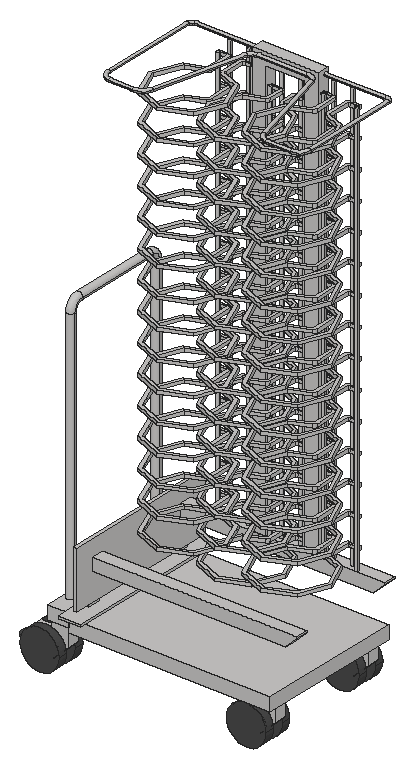
Revit family "QF_ELECTROLUXPROFESSIONAL_922763_TRBA45PL2011C", category Attrezzature speciali, Revit 2020 (continued)
Automatic sketch dimensions
  Extrusion 74 sketch curve to Extrusion 74 sketch curve = 7.587 mm  (x4)
  Extrusion 74 sketch curve to Extrusion 74 sketch curve = 27.788 mm  (x2)
  Extrusion 74 sketch curve to Extrusion 74 sketch curve = 0 mm  (x3)
  Extrusion 74 sketch curve to Extrusion 74 sketch curve = 1.873 mm
  Extrusion 74 sketch curve to Extrusion 74 sketch curve = 5 mm  (x3)
  Extrusion 74 sketch curve to Extrusion 74 sketch curve = 3.127 mm
  Extrusion 74 sketch curve to Extrusion 74 sketch curve = 3.746 mm
  Extrusion 74 sketch curve to Extrusion 74 sketch curve = 10 mm  (x3)
  Extrusion 74 sketch curve to Extrusion 74 sketch curve = 79.976 mm  (x2)
  Extrusion 74 sketch curve to Extrusion 74 sketch curve = 0.094 mm  (x3)
  Extrusion 74 sketch curve to Extrusion 74 sketch curve = 30 mm
  Extrusion 74 sketch curve to Extrusion 74 sketch curve = 6.093 mm
  Extrusion 74 sketch curve to Extrusion 74 sketch curve = 3.046 mm
  Extrusion 74 sketch curve to Extrusion 74 sketch curve = 80.651 mm  (x3)
  Extrusion 74 sketch curve to Extrusion 74 sketch curve = 55.228 mm
  Extrusion 74 sketch curve to Extrusion 74 sketch curve = 32.585 mm
  Extrusion 74 sketch curve to Extrusion 74 sketch curve = 10.824 mm  (x3)
  Extrusion 74 sketch curve to Extrusion 74 sketch curve = 11.494 mm
  Extrusion 74 sketch curve to Extrusion 74 sketch curve = 1.263 mm
  Extrusion 74 sketch curve to Extrusion 74 sketch curve = 2 mm  (x2)
  Extrusion 75 sketch curve to Extrusion 75 sketch curve = 10.824 mm  (x3)
  Extrusion 75 sketch curve to Extrusion 75 sketch curve = 24.865 mm  (x2)
  Extrusion 75 sketch curve to Extrusion 75 sketch curve = 26.401 mm  (x2)
  Extrusion 75 sketch curve to Extrusion 75 sketch curve = 7.72 mm  (x4)
  Extrusion 75 sketch curve to Extrusion 75 sketch curve = 7.587 mm  (x4)
  Extrusion 75 sketch curve to Extrusion 75 sketch curve = 27.246 mm
  Extrusion 75 sketch curve to Extrusion 75 sketch curve = 27.788 mm  (x2)
  Extrusion 75 sketch curve to Extrusion 75 sketch curve = 47.447 mm
  Extrusion 75 sketch curve to Extrusion 75 sketch curve = 1.873 mm
  Extrusion 75 sketch curve to Extrusion 75 sketch curve = 5 mm  (x3)
  Extrusion 75 sketch curve to Extrusion 75 sketch curve = 3.127 mm
  Extrusion 75 sketch curve to Extrusion 75 sketch curve = 0 mm  (x2)
  Extrusion 75 sketch curve to Extrusion 75 sketch curve = 3.746 mm
  Extrusion 75 sketch curve to Extrusion 75 sketch curve = 10 mm  (x3)
  Extrusion 75 sketch curve to Extrusion 75 sketch curve = 0.094 mm  (x3)
  Extrusion 75 sketch curve to Extrusion 75 sketch curve = 30 mm
  Extrusion 75 sketch curve to Extrusion 75 sketch curve = 6.093 mm
  Extrusion 75 sketch curve to Extrusion 75 sketch curve = 3.046 mm
  Extrusion 75 sketch curve to Extrusion 75 sketch curve = 22.703 mm
  Extrusion 75 sketch curve to Extrusion 75 sketch curve = 6.983 mm
  Extrusion 75 sketch curve to Extrusion 75 sketch curve = 1.263 mm
  Extrusion 75 sketch curve to Extrusion 75 sketch curve = 1.293 mm
  Extrusion 75 sketch curve to Extrusion 75 sketch curve = 2 mm  (x3)
  Extrusion 76 sketch curve to Extrusion 76 sketch curve = 10.824 mm  (x3)
  Extrusion 76 sketch curve to Extrusion 76 sketch curve = 7.72 mm  (x4)
  Extrusion 76 sketch curve to Extrusion 76 sketch curve = 7.587 mm  (x4)
  Extrusion 76 sketch curve to Extrusion 76 sketch curve = 27.246 mm
  Extrusion 76 sketch curve to Extrusion 76 sketch curve = 27.788 mm  (x2)
  Extrusion 76 sketch curve to Extrusion 76 sketch curve = 47.447 mm
  Extrusion 76 sketch curve to Extrusion 76 sketch curve = 1.873 mm
  Extrusion 76 sketch curve to Extrusion 76 sketch curve = 5 mm  (x2)
  Extrusion 76 sketch curve to Extrusion 76 sketch curve = 3.127 mm
  Extrusion 76 sketch curve to Extrusion 76 sketch curve = 0 mm  (x2)
  Extrusion 76 sketch curve to Extrusion 76 sketch curve = 3.746 mm
  Extrusion 76 sketch curve to Extrusion 76 sketch curve = 10 mm  (x2)
  Extrusion 76 sketch curve to Extrusion 76 sketch curve = 79.976 mm  (x2)
  Extrusion 76 sketch curve to Extrusion 76 sketch curve = 0.094 mm  (x3)
  Extrusion 76 sketch curve to Extrusion 76 sketch curve = 30 mm
  Extrusion 76 sketch curve to Extrusion 76 sketch curve = 6.093 mm
  Extrusion 76 sketch curve to Extrusion 76 sketch curve = 3.907 mm
  Extrusion 76 sketch curve to Extrusion 76 sketch curve = 3.046 mm
  Extrusion 76 sketch curve to Extrusion 76 sketch curve = 1.954 mm
  Extrusion 76 sketch curve to Extrusion 76 sketch curve = 80.651 mm  (x3)
  Extrusion 76 sketch curve to Extrusion 76 sketch curve = 55.228 mm
  Extrusion 76 sketch curve to Extrusion 76 sketch curve = 32.585 mm
  Extrusion 76 sketch curve to Extrusion 76 sketch curve = 2 mm  (x3)
  Extrusion 74 sketch curve to Extrusion 74 sketch curve = 24.865 mm  (x2)
  Extrusion 74 sketch curve to Extrusion 74 sketch curve = 26.401 mm  (x2)
  Extrusion 74 sketch curve to Extrusion 74 sketch curve = 27.246 mm
  Extrusion 74 sketch curve to Extrusion 74 sketch curve = 80.07 mm
  Extrusion 74 sketch curve to Extrusion 74 sketch curve = 22.703 mm
  Extrusion 74 sketch curve to Extrusion 74 sketch curve = 1.293 mm
  Extrusion 74 sketch curve to Extrusion 74 sketch curve = 44.091 mm
  Extrusion 74 sketch curve to Extrusion 74 sketch curve = 41.932 mm
  Extrusion 75 sketch curve to Extrusion 75 sketch curve = 79.976 mm  (x2)
  Extrusion 75 sketch curve to Extrusion 75 sketch curve = 80.651 mm  (x3)
  Extrusion 75 sketch curve to Extrusion 75 sketch curve = 55.228 mm
  Extrusion 75 sketch curve to Extrusion 75 sketch curve = 32.585 mm
  Extrusion 75 sketch curve to Extrusion 75 sketch curve = 80.07 mm
  Extrusion 75 sketch curve to Extrusion 75 sketch curve = 67.75 mm
  Extrusion 76 sketch curve to Extrusion 76 sketch curve = 24.865 mm  (x2)
  Extrusion 76 sketch curve to Extrusion 76 sketch curve = 26.401 mm  (x2)
  Extrusion 76 sketch curve to Extrusion 76 sketch curve = 80.07 mm
  Extrusion 76 sketch curve to Extrusion 76 sketch curve = 22.703 mm
  Extrusion 76 sketch curve to Extrusion 76 sketch curve = 6.983 mm
  Extrusion 76 sketch curve to Extrusion 76 sketch curve = 1.263 mm
  Extrusion 76 sketch curve to Extrusion 76 sketch curve = 1.293 mm
  Extrusion 76 sketch curve to Extrusion 76 sketch curve = 67.75 mm
  Extrusion 77 sketch curve to Extrusion 77 sketch curve = 7.72 mm  (x4)
  Extrusion 77 sketch curve to Extrusion 77 sketch curve = 7.587 mm  (x4)
  Extrusion 77 sketch curve to Extrusion 77 sketch curve = 27.788 mm  (x2)
  Extrusion 77 sketch curve to Extrusion 77 sketch curve = 0 mm  (x3)
  Extrusion 77 sketch curve to Extrusion 77 sketch curve = 1.873 mm
  Extrusion 77 sketch curve to Extrusion 77 sketch curve = 5 mm  (x3)
  Extrusion 77 sketch curve to Extrusion 77 sketch curve = 3.127 mm
  Extrusion 77 sketch curve to Extrusion 77 sketch curve = 3.746 mm
  Extrusion 77 sketch curve to Extrusion 77 sketch curve = 10 mm  (x3)
  Extrusion 77 sketch curve to Extrusion 77 sketch curve = 79.976 mm  (x2)
  Extrusion 77 sketch curve to Extrusion 77 sketch curve = 0.094 mm  (x3)
  Extrusion 77 sketch curve to Extrusion 77 sketch curve = 30 mm
  Extrusion 77 sketch curve to Extrusion 77 sketch curve = 6.093 mm
  Extrusion 77 sketch curve to Extrusion 77 sketch curve = 3.046 mm
  Extrusion 77 sketch curve to Extrusion 77 sketch curve = 80.651 mm  (x3)
  Extrusion 77 sketch curve to Extrusion 77 sketch curve = 55.228 mm
  Extrusion 77 sketch curve to Extrusion 77 sketch curve = 32.585 mm
  Extrusion 77 sketch curve to Extrusion 77 sketch curve = 10.824 mm  (x3)
  Extrusion 77 sketch curve to Extrusion 77 sketch curve = 11.494 mm
  Extrusion 77 sketch curve to Extrusion 77 sketch curve = 1.263 mm
  Extrusion 77 sketch curve to Extrusion 77 sketch curve = 2 mm  (x2)
  Extrusion 78 sketch curve to Extrusion 78 sketch curve = 10.824 mm  (x3)
  Extrusion 78 sketch curve to Extrusion 78 sketch curve = 24.865 mm  (x2)
  Extrusion 78 sketch curve to Extrusion 78 sketch curve = 26.401 mm  (x2)
  Extrusion 78 sketch curve to Extrusion 78 sketch curve = 7.72 mm  (x4)
  Extrusion 78 sketch curve to Extrusion 78 sketch curve = 7.587 mm  (x4)
  Extrusion 78 sketch curve to Extrusion 78 sketch curve = 27.246 mm
  Extrusion 78 sketch curve to Extrusion 78 sketch curve = 27.788 mm  (x2)
  Extrusion 78 sketch curve to Extrusion 78 sketch curve = 47.447 mm
  Extrusion 78 sketch curve to Extrusion 78 sketch curve = 1.873 mm
  Extrusion 78 sketch curve to Extrusion 78 sketch curve = 5 mm  (x3)
  Extrusion 78 sketch curve to Extrusion 78 sketch curve = 3.127 mm
  Extrusion 78 sketch curve to Extrusion 78 sketch curve = 0 mm  (x2)
  Extrusion 78 sketch curve to Extrusion 78 sketch curve = 3.746 mm
  Extrusion 78 sketch curve to Extrusion 78 sketch curve = 10 mm  (x3)
  Extrusion 78 sketch curve to Extrusion 78 sketch curve = 0.094 mm  (x3)
  Extrusion 78 sketch curve to Extrusion 78 sketch curve = 30 mm
  Extrusion 78 sketch curve to Extrusion 78 sketch curve = 6.093 mm
  Extrusion 78 sketch curve to Extrusion 78 sketch curve = 3.046 mm
  Extrusion 78 sketch curve to Extrusion 78 sketch curve = 22.703 mm
  Extrusion 78 sketch curve to Extrusion 78 sketch curve = 6.983 mm
  Extrusion 78 sketch curve to Extrusion 78 sketch curve = 1.263 mm
  Extrusion 78 sketch curve to Extrusion 78 sketch curve = 1.293 mm
  Extrusion 78 sketch curve to Extrusion 78 sketch curve = 2 mm  (x3)
  Extrusion 79 sketch curve to Extrusion 79 sketch curve = 10.824 mm  (x3)
  Extrusion 79 sketch curve to Extrusion 79 sketch curve = 7.72 mm  (x4)
  Extrusion 79 sketch curve to Extrusion 79 sketch curve = 7.587 mm  (x4)
  Extrusion 79 sketch curve to Extrusion 79 sketch curve = 27.246 mm
  Extrusion 79 sketch curve to Extrusion 79 sketch curve = 27.788 mm  (x2)
  Extrusion 79 sketch curve to Extrusion 79 sketch curve = 47.447 mm
  Extrusion 79 sketch curve to Extrusion 79 sketch curve = 1.873 mm
  Extrusion 79 sketch curve to Extrusion 79 sketch curve = 5 mm  (x2)
  Extrusion 79 sketch curve to Extrusion 79 sketch curve = 3.127 mm
  Extrusion 79 sketch curve to Extrusion 79 sketch curve = 0 mm  (x2)
  Extrusion 79 sketch curve to Extrusion 79 sketch curve = 3.746 mm
  Extrusion 79 sketch curve to Extrusion 79 sketch curve = 10 mm  (x2)
  Extrusion 79 sketch curve to Extrusion 79 sketch curve = 79.976 mm  (x2)
  Extrusion 79 sketch curve to Extrusion 79 sketch curve = 0.094 mm  (x3)
  Extrusion 79 sketch curve to Extrusion 79 sketch curve = 30 mm
  Extrusion 79 sketch curve to Extrusion 79 sketch curve = 6.093 mm
  Extrusion 79 sketch curve to Extrusion 79 sketch curve = 3.907 mm
  Extrusion 79 sketch curve to Extrusion 79 sketch curve = 3.046 mm
  Extrusion 79 sketch curve to Extrusion 79 sketch curve = 1.954 mm
  Extrusion 79 sketch curve to Extrusion 79 sketch curve = 80.651 mm  (x3)
  Extrusion 79 sketch curve to Extrusion 79 sketch curve = 55.228 mm
  Extrusion 79 sketch curve to Extrusion 79 sketch curve = 32.585 mm
  Extrusion 79 sketch curve to Extrusion 79 sketch curve = 2 mm  (x3)
  Extrusion 77 sketch curve to Extrusion 77 sketch curve = 24.865 mm  (x2)
  Extrusion 77 sketch curve to Extrusion 77 sketch curve = 26.401 mm  (x2)
  Extrusion 77 sketch curve to Extrusion 77 sketch curve = 27.246 mm
  Extrusion 77 sketch curve to Extrusion 77 sketch curve = 80.07 mm
  Extrusion 77 sketch curve to Extrusion 77 sketch curve = 22.703 mm
  Extrusion 77 sketch curve to Extrusion 77 sketch curve = 1.293 mm
  Extrusion 77 sketch curve to Extrusion 77 sketch curve = 44.091 mm
  Extrusion 77 sketch curve to Extrusion 77 sketch curve = 41.932 mm
  Extrusion 78 sketch curve to Extrusion 78 sketch curve = 79.976 mm  (x2)
  Extrusion 78 sketch curve to Extrusion 78 sketch curve = 80.651 mm  (x3)
  Extrusion 78 sketch curve to Extrusion 78 sketch curve = 55.228 mm
  Extrusion 78 sketch curve to Extrusion 78 sketch curve = 32.585 mm
  Extrusion 78 sketch curve to Extrusion 78 sketch curve = 80.07 mm
  Extrusion 78 sketch curve to Extrusion 78 sketch curve = 67.75 mm
  Extrusion 79 sketch curve to Extrusion 79 sketch curve = 24.865 mm  (x2)
  Extrusion 79 sketch curve to Extrusion 79 sketch curve = 26.401 mm  (x2)
  Extrusion 79 sketch curve to Extrusion 79 sketch curve = 80.07 mm
  Extrusion 79 sketch curve to Extrusion 79 sketch curve = 22.703 mm
  Extrusion 79 sketch curve to Extrusion 79 sketch curve = 6.983 mm
  Extrusion 79 sketch curve to Extrusion 79 sketch curve = 1.263 mm
  Extrusion 79 sketch curve to Extrusion 79 sketch curve = 1.293 mm
  Extrusion 79 sketch curve to Extrusion 79 sketch curve = 67.75 mm
  Extrusion 80 sketch curve to Extrusion 80 sketch curve = 7.72 mm  (x4)
  Extrusion 80 sketch curve to Extrusion 80 sketch curve = 7.587 mm  (x4)
  Extrusion 80 sketch curve to Extrusion 80 sketch curve = 27.788 mm  (x2)
  Extrusion 80 sketch curve to Extrusion 80 sketch curve = 0 mm  (x3)
  Extrusion 80 sketch curve to Extrusion 80 sketch curve = 1.873 mm
  Extrusion 80 sketch curve to Extrusion 80 sketch curve = 5 mm  (x3)
  Extrusion 80 sketch curve to Extrusion 80 sketch curve = 3.127 mm
  Extrusion 80 sketch curve to Extrusion 80 sketch curve = 3.746 mm
  Extrusion 80 sketch curve to Extrusion 80 sketch curve = 10 mm  (x3)
  Extrusion 80 sketch curve to Extrusion 80 sketch curve = 79.976 mm  (x2)
  Extrusion 80 sketch curve to Extrusion 80 sketch curve = 0.094 mm  (x3)
  Extrusion 80 sketch curve to Extrusion 80 sketch curve = 30 mm
  Extrusion 80 sketch curve to Extrusion 80 sketch curve = 6.093 mm
  Extrusion 80 sketch curve to Extrusion 80 sketch curve = 3.046 mm
  Extrusion 80 sketch curve to Extrusion 80 sketch curve = 80.651 mm  (x3)
  Extrusion 80 sketch curve to Extrusion 80 sketch curve = 55.228 mm
  Extrusion 80 sketch curve to Extrusion 80 sketch curve = 32.585 mm
  Extrusion 80 sketch curve to Extrusion 80 sketch curve = 10.824 mm  (x3)
  Extrusion 80 sketch curve to Extrusion 80 sketch curve = 11.494 mm
  Extrusion 80 sketch curve to Extrusion 80 sketch curve = 1.263 mm
  Extrusion 80 sketch curve to Extrusion 80 sketch curve = 2 mm  (x2)
  Extrusion 81 sketch curve to Extrusion 81 sketch curve = 10.824 mm  (x3)
  Extrusion 81 sketch curve to Extrusion 81 sketch curve = 24.865 mm  (x2)
  Extrusion 81 sketch curve to Extrusion 81 sketch curve = 26.401 mm  (x2)
  Extrusion 81 sketch curve to Extrusion 81 sketch curve = 7.72 mm  (x4)
  Extrusion 81 sketch curve to Extrusion 81 sketch curve = 7.587 mm  (x4)
  Extrusion 81 sketch curve to Extrusion 81 sketch curve = 27.246 mm
  Extrusion 81 sketch curve to Extrusion 81 sketch curve = 27.788 mm  (x2)
  Extrusion 81 sketch curve to Extrusion 81 sketch curve = 47.447 mm
  Extrusion 81 sketch curve to Extrusion 81 sketch curve = 1.873 mm
  Extrusion 81 sketch curve to Extrusion 81 sketch curve = 5 mm  (x3)
  Extrusion 81 sketch curve to Extrusion 81 sketch curve = 3.127 mm
  Extrusion 81 sketch curve to Extrusion 81 sketch curve = 0 mm  (x2)
  Extrusion 81 sketch curve to Extrusion 81 sketch curve = 3.746 mm
  Extrusion 81 sketch curve to Extrusion 81 sketch curve = 10 mm  (x3)
  Extrusion 81 sketch curve to Extrusion 81 sketch curve = 0.094 mm  (x3)
  Extrusion 81 sketch curve to Extrusion 81 sketch curve = 30 mm
  Extrusion 81 sketch curve to Extrusion 81 sketch curve = 6.093 mm
  Extrusion 81 sketch curve to Extrusion 81 sketch curve = 3.046 mm
  Extrusion 81 sketch curve to Extrusion 81 sketch curve = 22.703 mm
  Extrusion 81 sketch curve to Extrusion 81 sketch curve = 6.983 mm
  Extrusion 81 sketch curve to Extrusion 81 sketch curve = 1.263 mm
  Extrusion 81 sketch curve to Extrusion 81 sketch curve = 1.293 mm
  Extrusion 81 sketch curve to Extrusion 81 sketch curve = 2 mm  (x3)
  Extrusion 82 sketch curve to Extrusion 82 sketch curve = 10.824 mm  (x3)
  Extrusion 82 sketch curve to Extrusion 82 sketch curve = 7.72 mm  (x4)
  Extrusion 82 sketch curve to Extrusion 82 sketch curve = 7.587 mm  (x4)
  Extrusion 82 sketch curve to Extrusion 82 sketch curve = 27.246 mm
  Extrusion 82 sketch curve to Extrusion 82 sketch curve = 27.788 mm  (x2)
  Extrusion 82 sketch curve to Extrusion 82 sketch curve = 47.447 mm
  Extrusion 82 sketch curve to Extrusion 82 sketch curve = 1.873 mm
  Extrusion 82 sketch curve to Extrusion 82 sketch curve = 5 mm  (x2)
  Extrusion 82 sketch curve to Extrusion 82 sketch curve = 3.127 mm
  Extrusion 82 sketch curve to Extrusion 82 sketch curve = 0 mm  (x2)
  Extrusion 82 sketch curve to Extrusion 82 sketch curve = 3.746 mm
  Extrusion 82 sketch curve to Extrusion 82 sketch curve = 10 mm  (x2)
  Extrusion 82 sketch curve to Extrusion 82 sketch curve = 79.976 mm  (x2)
  Extrusion 82 sketch curve to Extrusion 82 sketch curve = 0.094 mm  (x3)
  Extrusion 82 sketch curve to Extrusion 82 sketch curve = 30 mm
  Extrusion 82 sketch curve to Extrusion 82 sketch curve = 6.093 mm
  Extrusion 82 sketch curve to Extrusion 82 sketch curve = 3.907 mm
  Extrusion 82 sketch curve to Extrusion 82 sketch curve = 3.046 mm
  Extrusion 82 sketch curve to Extrusion 82 sketch curve = 1.954 mm
  Extrusion 82 sketch curve to Extrusion 82 sketch curve = 80.651 mm  (x3)
  Extrusion 82 sketch curve to Extrusion 82 sketch curve = 55.228 mm
  Extrusion 82 sketch curve to Extrusion 82 sketch curve = 32.585 mm
  Extrusion 82 sketch curve to Extrusion 82 sketch curve = 2 mm  (x3)
  Extrusion 80 sketch curve to Extrusion 80 sketch curve = 24.865 mm  (x2)
  Extrusion 80 sketch curve to Extrusion 80 sketch curve = 26.401 mm  (x2)
  Extrusion 80 sketch curve to Extrusion 80 sketch curve = 27.246 mm
  Extrusion 80 sketch curve to Extrusion 80 sketch curve = 80.07 mm
  Extrusion 80 sketch curve to Extrusion 80 sketch curve = 22.703 mm
  Extrusion 80 sketch curve to Extrusion 80 sketch curve = 1.293 mm
  Extrusion 80 sketch curve to Extrusion 80 sketch curve = 44.091 mm
  Extrusion 80 sketch curve to Extrusion 80 sketch curve = 41.932 mm
  Extrusion 81 sketch curve to Extrusion 81 sketch curve = 79.976 mm  (x2)
  Extrusion 81 sketch curve to Extrusion 81 sketch curve = 80.651 mm  (x3)
  Extrusion 81 sketch curve to Extrusion 81 sketch curve = 55.228 mm
  Extrusion 81 sketch curve to Extrusion 81 sketch curve = 32.585 mm
  Extrusion 81 sketch curve to Extrusion 81 sketch curve = 80.07 mm
  Extrusion 81 sketch curve to Extrusion 81 sketch curve = 67.75 mm
  Extrusion 82 sketch curve to Extrusion 82 sketch curve = 24.865 mm  (x2)
  Extrusion 82 sketch curve to Extrusion 82 sketch curve = 26.401 mm  (x2)
  Extrusion 82 sketch curve to Extrusion 82 sketch curve = 80.07 mm
  Extrusion 82 sketch curve to Extrusion 82 sketch curve = 22.703 mm
  Extrusion 82 sketch curve to Extrusion 82 sketch curve = 6.983 mm
  Extrusion 82 sketch curve to Extrusion 82 sketch curve = 1.263 mm
  Extrusion 82 sketch curve to Extrusion 82 sketch curve = 1.293 mm
  Extrusion 82 sketch curve to Extrusion 82 sketch curve = 67.75 mm
  plane 7 "Centro Avanti/Indietro" to Extrusion 38 sketch curve = 1.086 mm
  Extrusion 38 sketch curve to plane 6 = 19.47 mm
  Extrusion 39 sketch curve to plane 7 "Centro Avanti/Indietro" = 22.573 mm
  Extrusion 39 sketch curve to plane 6 = 185.941 mm
  Extrusion 40 sketch curve to plane 5 "RIGHT" = 43.449 mm
  plane 15 to Extrusion 40 sketch curve = 25.37 mm
  plane 7 "Centro Avanti/Indietro" to Extrusion 41 sketch curve = 1.086 mm
  Extrusion 41 sketch curve to plane 6 = 19.47 mm
  Extrusion 42 sketch curve to plane 7 "Centro Avanti/Indietro" = 22.573 mm
  Extrusion 42 sketch curve to plane 6 = 185.941 mm
  Extrusion 43 sketch curve to plane 5 "RIGHT" = 43.449 mm
  plane 15 to Extrusion 43 sketch curve = 25.37 mm
  plane 7 "Centro Avanti/Indietro" to Extrusion 44 sketch curve = 1.086 mm
  Extrusion 44 sketch curve to plane 6 = 19.47 mm
  Extrusion 45 sketch curve to plane 7 "Centro Avanti/Indietro" = 22.573 mm
  Extrusion 45 sketch curve to plane 6 = 185.941 mm
  Extrusion 46 sketch curve to plane 5 "RIGHT" = 43.449 mm
  plane 15 to Extrusion 46 sketch curve = 25.37 mm
  plane 7 "Centro Avanti/Indietro" to Extrusion 47 sketch curve = 1.086 mm
  Extrusion 47 sketch curve to plane 6 = 19.47 mm
  Extrusion 48 sketch curve to plane 7 "Centro Avanti/Indietro" = 22.573 mm
  Extrusion 48 sketch curve to plane 6 = 185.941 mm
  Extrusion 49 sketch curve to plane 5 "RIGHT" = 43.449 mm
  plane 15 to Extrusion 49 sketch curve = 25.37 mm
  plane 7 "Centro Avanti/Indietro" to Extrusion 50 sketch curve = 1.086 mm
  Extrusion 50 sketch curve to plane 6 = 19.47 mm
  Extrusion 51 sketch curve to plane 7 "Centro Avanti/Indietro" = 22.573 mm
  Extrusion 51 sketch curve to plane 6 = 185.941 mm
  Extrusion 52 sketch curve to plane 5 "RIGHT" = 43.449 mm
  plane 15 to Extrusion 52 sketch curve = 25.37 mm
  plane 7 "Centro Avanti/Indietro" to Extrusion 53 sketch curve = 1.086 mm
  Extrusion 53 sketch curve to plane 6 = 19.47 mm
  Extrusion 54 sketch curve to plane 7 "Centro Avanti/Indietro" = 22.573 mm
  Extrusion 54 sketch curve to plane 6 = 185.941 mm
  Extrusion 55 sketch curve to plane 5 "RIGHT" = 43.449 mm
  plane 15 to Extrusion 55 sketch curve = 25.37 mm
  plane 7 "Centro Avanti/Indietro" to Extrusion 56 sketch curve = 1.086 mm
  Extrusion 56 sketch curve to plane 6 = 19.47 mm
  Extrusion 57 sketch curve to plane 7 "Centro Avanti/Indietro" = 22.573 mm
  Extrusion 57 sketch curve to plane 6 = 185.941 mm
  Extrusion 58 sketch curve to plane 5 "RIGHT" = 43.449 mm
  plane 15 to Extrusion 58 sketch curve = 25.37 mm
  plane 7 "Centro Avanti/Indietro" to Extrusion 59 sketch curve = 1.086 mm
  Extrusion 59 sketch curve to plane 6 = 19.47 mm
  Extrusion 60 sketch curve to plane 7 "Centro Avanti/Indietro" = 22.573 mm
  Extrusion 60 sketch curve to plane 6 = 185.941 mm
  Extrusion 61 sketch curve to plane 5 "RIGHT" = 43.449 mm
  plane 15 to Extrusion 61 sketch curve = 25.37 mm
  plane 7 "Centro Avanti/Indietro" to Extrusion 62 sketch curve = 1.086 mm
  Extrusion 62 sketch curve to plane 6 = 19.47 mm
  Extrusion 63 sketch curve to plane 7 "Centro Avanti/Indietro" = 22.573 mm
  Extrusion 63 sketch curve to plane 6 = 185.941 mm
  Extrusion 64 sketch curve to plane 5 "RIGHT" = 43.449 mm
  plane 15 to Extrusion 64 sketch curve = 25.37 mm
  plane 7 "Centro Avanti/Indietro" to Extrusion 65 sketch curve = 1.086 mm
  Extrusion 65 sketch curve to plane 6 = 19.47 mm
  Extrusion 66 sketch curve to plane 7 "Centro Avanti/Indietro" = 22.573 mm
  Extrusion 66 sketch curve to plane 6 = 185.941 mm
  Extrusion 67 sketch curve to plane 5 "RIGHT" = 43.449 mm
  plane 15 to Extrusion 67 sketch curve = 25.37 mm
  plane 7 "Centro Avanti/Indietro" to Extrusion 68 sketch curve = 1.086 mm
  Extrusion 68 sketch curve to plane 6 = 19.47 mm
  Extrusion 69 sketch curve to plane 7 "Centro Avanti/Indietro" = 22.573 mm
  Extrusion 69 sketch curve to plane 6 = 185.941 mm
  Extrusion 70 sketch curve to plane 5 "RIGHT" = 43.449 mm
  plane 15 to Extrusion 70 sketch curve = 25.37 mm
  plane 7 "Centro Avanti/Indietro" to Extrusion 71 sketch curve = 1.086 mm
  Extrusion 71 sketch curve to plane 6 = 19.47 mm
  Extrusion 72 sketch curve to plane 7 "Centro Avanti/Indietro" = 22.573 mm
  Extrusion 72 sketch curve to plane 6 = 185.941 mm
  Extrusion 73 sketch curve to plane 5 "RIGHT" = 43.449 mm
  plane 15 to Extrusion 73 sketch curve = 25.37 mm
  plane 7 "Centro Avanti/Indietro" to Extrusion 74 sketch curve = 1.086 mm
  Extrusion 74 sketch curve to plane 6 = 19.47 mm
  Extrusion 75 sketch curve to plane 7 "Centro Avanti/Indietro" = 22.573 mm
  Extrusion 75 sketch curve to plane 6 = 185.941 mm
  Extrusion 76 sketch curve to plane 5 "RIGHT" = 43.449 mm
  plane 15 to Extrusion 76 sketch curve = 25.37 mm
  plane 7 "Centro Avanti/Indietro" to Extrusion 77 sketch curve = 1.086 mm
  Extrusion 77 sketch curve to plane 6 = 19.47 mm
  Extrusion 78 sketch curve to plane 7 "Centro Avanti/Indietro" = 22.573 mm
  Extrusion 78 sketch curve to plane 6 = 185.941 mm
  Extrusion 79 sketch curve to plane 5 "RIGHT" = 43.449 mm
  plane 15 to Extrusion 79 sketch curve = 25.37 mm
  plane 7 "Centro Avanti/Indietro" to Extrusion 80 sketch curve = 1.086 mm
  Extrusion 80 sketch curve to plane 6 = 19.47 mm
  Extrusion 81 sketch curve to plane 7 "Centro Avanti/Indietro" = 22.573 mm
  Extrusion 81 sketch curve to plane 6 = 185.941 mm
  Extrusion 82 sketch curve to plane 5 "RIGHT" = 43.449 mm
  plane 15 to Extrusion 82 sketch curve = 25.37 mm
  radius of Extrusion 2 sketch curve = 62.5 mm
  radius of Sweep 11 sketch curve = 12.5 mm
  radius of Extrusion 12 sketch curve = 62.5 mm
  radius of Extrusion 15 sketch curve = 62.5 mm
  radius of Extrusion 16 sketch curve = 62.5 mm
  radius of Extrusion 19 sketch curve = 62.5 mm
  radius of Extrusion 20 sketch curve = 62.5 mm
  radius of Extrusion 22 sketch curve = 62.5 mm
  radius of Extrusion 23 sketch curve = 62.5 mm
  radius of Extrusion 25 sketch curve = 5 mm
  radius of Extrusion 26 sketch curve = 5 mm
  radius of Extrusion 27 sketch curve = 5 mm
  radius of Extrusion 28 sketch curve = 5 mm
  radius of Extrusion 29 sketch curve = 5 mm
  radius of Extrusion 30 sketch curve = 5 mm
  radius of Extrusion 31 sketch curve = 5 mm
  radius of Extrusion 32 sketch curve = 5 mm
  radius of Extrusion 33 sketch curve = 5 mm
  radius of Extrusion 34 sketch curve = 5 mm
  radius of Extrusion 35 sketch curve = 5 mm
  radius of Extrusion 36 sketch curve = 5 mm
  radius of Sweep 37 sketch curve = 5 mm
